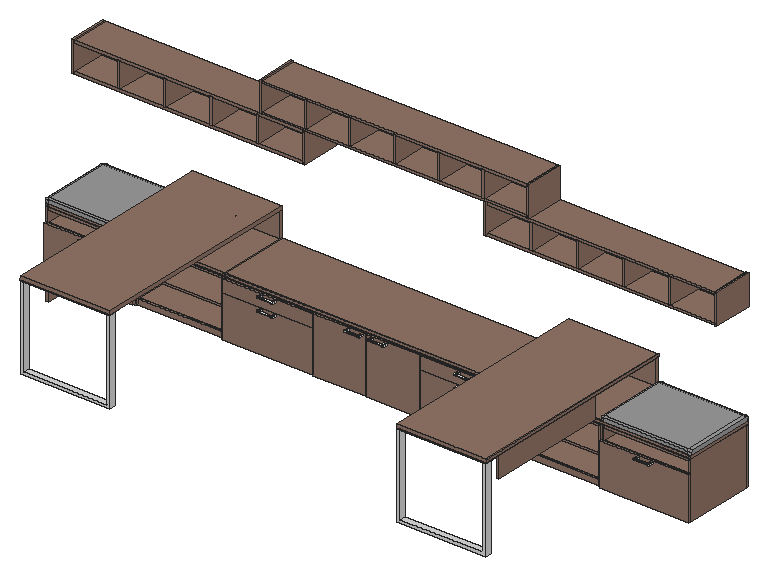
Revit family "JSI-Vision-Typical_Veneer-VSV111", category Furniture, Revit 2020 (continued)
Definition of nested family "JSI-Vision-Open_Shelf_Modular_Bench_Pedestal"
  Parameters (values of type "Type Catalog")
    Series = "Vision Casegoods"  # constant formula
    Model = "Type Catalog"
    Manufacturer = "JSI"  # constant formula
    Keynote = "12500"
    JSI Enviromental Website = "http://www.jsifurniture.com/jsi_sustainability_intro.php"
    Height = 18 3/4"
    Description = "Type Catalog"
    Depth = 18"
    Default Elevation = 0"
    Chassis = none
    Assembly Code = "E2020200"
  Reference planes (in)
    plane 1 "Center Front/Back": y = 0
    plane 2: z = 0
    plane 3 "Center Left/Right": x = 0
    plane 4: x = 18
    plane 5: x = 0.18716
    plane 6: x = 17.81244
    plane 7: z = 9.375
    plane 8: x = 0.75
    plane 9: x = 17.126
    plane 10: y = -0.8125
    plane 11: y = -17.25
    plane 12: x = 9
    plane 13: z = 18.8591
    plane 14: z = 18.75
    plane 15: z = 8.625
    plane 16: z = 1.9375
    plane 17: z = 1.1875
    plane 18: y = -17.875
    plane 19: y = -16.25
    plane 20: y = -17
    plane 21: y = -18
    plane 22: z = 18.1091
  Forms (in)
    Extrusion 1, solid, material <- "Chassis"
      sketch origin (0.125, -0.1875, 48) x (0, 1, 0) y (0, 0, 1)
        loop
          line (0.1875, -29.1409) -> (-17.0625, -29.1409) -> (-17.0625, -48) -> (0.1875, -48) -> (0.1875, -29.1409)
      from -0.125 to 0.625
    Extrusion 2, solid, material <- "Chassis"
      sketch origin (29.875, -0.1875, 48) x (0, 1, 0) y (0, 0, 1)
        loop
          line (0.1875, -29.1409) -> (-17.0625, -29.1409) -> (-17.0625, -48) -> (0.1875, -48) -> (0.1875, -29.1409)
      from -12.749 to -11.875
    Extrusion 3, solid, material <- "Chassis"
      sketch origin (0, 0, 0) x (1, 0, 0) y (0, 1, 0)
        loop
          line (0.75, -16.25) -> (0.75, -17) -> (17.126, -17) -> (17.126, -16.25) -> (0.75, -16.25)
      from 0 to 1.9375
    Extrusion 4, solid, material <- "Chassis"
      sketch origin (0, 0, 0) x (0, 1, 0) y (0, 0, 1)
        loop
          line (-16.25, 9.375) -> (-16.25, 8.625) -> (-0.25, 8.625) -> (-0.25, 9.375) -> (-16.25, 9.375)
        loop
          line (0, 18.1091) -> (0, 18.8591) -> (-17.25, 18.8591) -> (-17.25, 18.1091) -> (0, 18.1091)
        loop
          line (0, 1.1875) -> (0, 1.9375) -> (-16.25, 1.9375) -> (-16.25, 1.1875) -> (0, 1.1875)
      from 0.75 to 17.126
    Extrusion 5, solid, material <- "Chassis"
      sketch origin (0, 0, 0) x (0, 1, 0) y (0, 0, 1)
        loop
          line (0, 18.1091) -> (-0.25, 18.1091) -> (-0.25, 1.9375) -> (0, 1.9375) -> (0, 18.1091)
      from 0.75 to 17.126
  Lines and regions (in)
    symbolic lines
      curve 1: line (0, -17.875, 0) -> (0, 0, 0)
      curve 2: line (18, -17.875, 0) -> (0, -17.875, 0)
      curve 3: line (18, 0, 0) -> (18, -17.875, 0)
    symbolic lines, detail levels medium+fine
      curve 4: line (0, 0, 0) -> (18, 0, 0)
  Dimensions and locks (in)
    locked: plane 14 to plane 13 at 0.1091
    plane 9 to plane 6 to plane 4 = 0.68644" locked, 0.18756" locked
    plane 3 "Center Left/Right" to plane 5 to plane 8 = 0.18716" locked, 0.56284" locked
    "Width": plane 3 "Center Left/Right" to plane 4
    equal spacing: plane 3 "Center Left/Right", plane 12, plane 4
    locked: plane 1 "Center Front/Back" to plane 10 at 0.8125
    plane 16 to plane 17 to level = 3/4" locked, 1 3/16" locked
    plane 19 to plane 20 to plane 11 to plane 18 to plane 21 = 3/4" locked, 1/4" locked, 5/8" locked, 1/8" locked
    "Depth": plane 1 "Center Front/Back" to plane 21
    locked: plane 13 to plane 22 at 0.75
    "Height": level to plane 14
    locked: plane 1 "Center Front/Back" to Extrusion 5 sketch curve at 0.25
    locked: plane 1 "Center Front/Back" to Extrusion 4 sketch curve at 0.25
    aligned and locked: level to plane 2
    aligned and locked: Extrusion 1 sketch curve to level
    aligned and locked: level to Extrusion 2 sketch curve
    aligned and locked: plane 8 to Extrusion 3 sketch curve
    aligned and locked: plane 12 to nested 1
    aligned and locked: plane 3 "Center Left/Right" to curve 1
    aligned and locked: curve 3 to plane 4
    aligned and locked: plane 7 to Extrusion 4 sketch curve
    aligned and locked: Extrusion 4 sketch curve to plane 15
    aligned and locked: Extrusion 4 to plane 8
    aligned and locked: plane 9 to Extrusion 4
    aligned and locked: plane 19 to Extrusion 3
    aligned and locked: Extrusion 3 to plane 20
    aligned and locked: Extrusion 4 to plane 19
    aligned and locked: plane 13 to Extrusion 4 sketch curve
    aligned and locked: Extrusion 4 sketch curve to plane 11
    aligned and locked: plane 16 to Extrusion 4 sketch curve
    aligned and locked: Extrusion 4 sketch curve to plane 17
    aligned and locked: Extrusion 4 sketch curve to plane 19
    aligned and locked: plane 18 to curve 2
    aligned and locked: nested 1 to plane 21
    aligned and locked: Extrusion 4 to plane 22
    aligned and locked: Extrusion 1 to plane 1 "Center Front/Back"
    aligned and locked: Extrusion 2 to plane 1 "Center Front/Back"
    aligned and locked: Extrusion 4 sketch curve to plane 1 "Center Front/Back"  (x2)
    aligned and locked: plane 1 "Center Front/Back" to Extrusion 5 sketch curve
    aligned and locked: plane 16 to Extrusion 5 sketch curve
    aligned and locked: Extrusion 5 sketch curve to plane 22
    aligned and locked: Extrusion 5 to plane 8
    aligned and locked: plane 9 to Extrusion 5
    aligned and locked: plane 1 "Center Front/Back" to curve 4
    aligned and locked: Extrusion 2 to plane 9
    aligned and locked: plane 4 to Extrusion 2
  Automatic sketch dimensions
    Extrusion 3 sketch curve to plane 9 = 0"
    plane 11 to Extrusion 1 sketch curve = 0"
    plane 11 to Extrusion 2 sketch curve = 0"
    plane 18 to Extrusion 3 sketch curve = 7/8"
    plane 11 to Extrusion 3 sketch curve = 1"
    Extrusion 1 sketch curve to plane 13 = 0"
    Extrusion 2 sketch curve to plane 13 = 0"
    plane 10 to Extrusion 1 sketch curve = 13/16"
    plane 10 to Extrusion 2 sketch curve = 13/16"
    Extrusion 4 sketch curve to plane 19 = 0"
    Extrusion 4 sketch curve to plane 22 = 0"
  Nested families (in)
    nested 1: "Label 1-16" at (9, -18, 0), type "DRWCFG"
  Definition of nested family "Label 1-16"
    Parameters
      Width = 1"
      Model Name = "FF"
    Reference planes (in)
      plane 1: y = 0
      plane 2: x = 0
    Text (in)
      label "XX" at (0.00051, -0.12324, 0), shows "Model Name"
Definition of nested family "JSI-Vision-Bench_Height_Modular_Top"
  Parameters (values of type "Type Catalog")
    Worksurface = none
    Width = 42"
    URL = "www.jsifurniture.com"
    Type Comments = ""
    Series = "Vision Casegoods"  # constant formula
    Model = "Type Catalog"
    Material = ""
    Manufacturer = "JSI"  # constant formula
    Keynote = "12500"
    JSI Enviromental Website = "http://www.jsifurniture.com/jsi_sustainability_intro.php"
    Height = 19 1/2"
    Description = "Type Catalog"
    Depth = 30"
    Default Elevation = 0"
    Assembly Code = "E2020200"
  Reference planes (in)
    plane 1 "Center Front/Back": y = 0
    plane 2: z = 0
    plane 3 "Center Left/Right": x = 0
    plane 4: z = 0
    plane 5: x = 42
    plane 6: y = -30
    plane 7: z = 20.6875
    plane 8: z = 19.5
  Forms (in)
    Extrusion 1, solid, material <- "Worksurface"
      sketch origin (0, 0, 28) x (0, 1, 0) y (0, 0, 1)
        loop
          line (-29.88189, -8.5) -> (0, -8.5) -> (0, -7.3125) -> (-29.88189, -7.3125)
          arc (-29.88189, -7.3125) -> (-29.96541, -7.34709) -> (-30, -7.43061) r 0.11811
          line (-30, -7.43061) -> (-30, -8.38189)
          arc (-30, -8.38189) -> (-29.96541, -8.46541) -> (-29.88189, -8.5) r 0.11811
      from 0 to 42
  Lines and regions (in)
    symbolic lines
      curve 1: line (0, 0, 0) -> (42, 0, 0)
      curve 2: line (0, -30, 0) -> (0, 0, 0)
      curve 3: line (42, -30, 0) -> (0, -30, 0)
      curve 4: line (42, 0, 0) -> (42, -30, 0)
  Dimensions and locks (in)
    "Depth": plane 6 to plane 1 "Center Front/Back"
    "Width": plane 5 to plane 3 "Center Left/Right"
    locked: plane 7 to plane 8 at 1.1875
    "Height": plane 8 to level
    aligned and locked: level to plane 2
    aligned and locked: plane 5 to Extrusion 1
    aligned and locked: curve 1 to Extrusion 1
    aligned and locked: curve 2 to Extrusion 1
    aligned and locked: plane 6 to curve 3
    aligned and locked: curve 4 to plane 5
    aligned and locked: Extrusion 1 to plane 8
    aligned and locked: Extrusion 1 to plane 7
  Automatic sketch dimensions
    Extrusion 1 sketch curve to plane 6 = 0"
    level to Extrusion 1 sketch curve = 19 1/2"
    Extrusion 1 sketch curve to plane 7 = 0"
    Extrusion 1 sketch curve to plane 1 "Center Front/Back" = 0"
    Extrusion 1 sketch curve to Extrusion 1 sketch curve = 0.11811"
    plane 6 to Extrusion 1 sketch curve = 0.11811"
Definition of nested family "JSI-Vision-Metal_Rectangular_Base"
  Parameters (values of type "VSB3028FSQ, Metal Rectangular Base for Peninsula 28 5/16"H")
    Width = 29 13/16"
    URL = "www.jsifurniture.com"
    Type Comments = ""
    Series = "Vision Casegoods"  # constant formula
    Model = "VSB3028FSQ"
    Manufacturer = "JSI"  # constant formula
    Keynote = "12500"  # constant formula
    JSI Enviromental Website = "http://www.jsifurniture.com/jsi_sustainability_intro.php"
    Height = 28 5/16"
    Glide Finish = none
    Depth = 2"
    Default Elevation = 0"
    Base Finish = none
    Description = "Metal Rectangular Base for Peninsula 29 13/16\"W x 2\"D x 28 5/16\"H"
    Assembly Code = "E2020200"
  Reference planes (in)
    plane 1 "Center Front/Back": y = 0
    plane 2: z = 0
    plane 3 "Center Left/Right": x = 0
    plane 4: z = 0
    plane 5: z = 28.3125
    plane 6: x = -3
    plane 7: x = -1
    plane 8: y = -29.8125
    plane 9: x = 1
    plane 10: z = 28.0625
    plane 11: y = -2
    plane 12: y = -27.8125
  Forms (in)
    Sweep 1, solid, material <- "Base Finish"
      path origin (0, 0, 0) x (0, 1, 0) y (0, 0, 1)
        loop
          line (-29.8125, 28.0625) -> (-29.8125, 0.25) -> (0, 0.25) -> (0, 28.0625)
      profile origin (0, -29.8125, 14.15625) x (1, 0, 0) y (0, 1, 0)
        loop
          line (-1, 1) -> (-1, 0) -> (1, 0) -> (1, 1) -> (-1, 1)
    Extrusion 2, solid, material <- "Base Finish"
      sketch origin (0, 0, 0) x (1, 0, 0) y (0, 1, 0)
        loop
          line (-3, 0) -> (-3, -29.8125) -> (1, -29.8125) -> (1, 0) -> (-3, 0)
      from 28.3125 to 28.0625
    Revolve 3, solid, material <- "Glide Finish"
      sketch origin (0, 0, 0) x (0, 1, 0) y (0, 0, 1)
        loop
          line (-2, 0.75) -> (-2, 0) -> (-1.76145, 0)
          arc (-1.76145, 0) -> (-1.7185, 0.01649) -> (-1.69761, 0.05748) r 0.06418
          line (-1.69761, 0.05748) -> (-1.67738, 0.25) -> (-1.90202, 0.25) -> (-1.90202, 0.75) -> (-2, 0.75)
        axis (-2, 0.75) -> (-2, 0)
      angle from 0 to 360
    Revolve 4, solid, material <- "Glide Finish"
      sketch origin (0, 0, 0) x (0, 1, 0) y (0, 0, 1)
        loop
          line (-27.8125, 0.75) -> (-27.8125, 0) -> (-27.57395, 0)
          arc (-27.57395, 0) -> (-27.531, 0.01649) -> (-27.51011, 0.05748) r 0.06418
          line (-27.51011, 0.05748) -> (-27.48988, 0.25) -> (-27.71452, 0.25) -> (-27.71452, 0.75) -> (-27.8125, 0.75)
        axis (-27.8125, 0.75) -> (-27.8125, 0)
      angle from 0 to 360
  Lines and regions (in)
    symbolic lines
      curve 1: line (-3, 0, 0) -> (-3, -29.8125, 0)
      curve 2: line (-3, -29.8125, 0) -> (1, -29.8125, 0)
      curve 3: line (1, -29.8125, 0) -> (1, 0, 0)
      curve 4: line (1, 0, 0) -> (-3, 0, 0)
      curve 5: line (-1, 0, 0) -> (-1, -29.8125, 0)
  Dimensions and locks (in)
    equal spacing: plane 7, plane 3 "Center Left/Right", plane 9, locked at 1 each
    "Width": plane 1 "Center Front/Back" to plane 8
    "Height": plane 5 to plane 4
    locked: plane 10 to plane 5 at 0.25
    locked: Sweep 1 sketch curve to plane 4 at 0.25
    locked: plane 8 to Sweep 1 sketch curve at 1
    locked: plane 1 "Center Front/Back" to plane 11 at 2
    locked: plane 12 to plane 8 at 2
    Revolve 3 sketch curve to Revolve 3 sketch curve to Revolve 3 sketch curve to plane 4 = 1/2" locked, 0.18582" locked, 0.06418" locked
    plane 11 to Revolve 3 sketch curve to Revolve 3 sketch curve to Revolve 3 sketch curve = 0.09798" locked, 0.14057" locked, 0.08407" locked
    Revolve 4 sketch curve to Revolve 4 sketch curve to Revolve 4 sketch curve = 1/2" locked, 0.18582" locked
    Revolve 4 sketch curve to Revolve 4 sketch curve to Revolve 4 sketch curve to Revolve 4 sketch curve = 0.09798" locked, 0.14057" locked, 0.08407" locked
    "Depth": plane 7 to plane 9
    locked: plane 6 to plane 7 at 2
    aligned and locked: level to plane 2
    aligned and locked: plane 10 to Sweep 1 sketch curve  (x2)
    aligned and locked: plane 9 to Sweep 1 sketch curve
    aligned and locked: plane 8 to Sweep 1 sketch curve
    aligned and locked: Extrusion 2 sketch curve to plane 1 "Center Front/Back"
    aligned and locked: Extrusion 2 sketch curve to plane 8
    aligned and locked: Extrusion 2 sketch curve to plane 9
    aligned and locked: Revolve 3 sketch curve to plane 11
    aligned and locked: plane 11 to Revolve 3 sketch curve
    aligned and locked: plane 12 to Revolve 4 sketch curve  (x2)
    aligned and locked: plane 3 "Center Left/Right" to Revolve 3
    aligned and locked: plane 3 "Center Left/Right" to Revolve 4
    aligned and locked: Sweep 1 sketch curve to plane 7
    aligned and locked: plane 6 to Extrusion 2
    aligned and locked: Extrusion 2 to plane 9
    aligned and locked: curve 1 to Extrusion 2
    aligned and locked: curve 2 to Extrusion 2
    aligned and locked: curve 3 to Extrusion 2
    aligned and locked: curve 4 to Extrusion 2
    aligned and locked: curve 5 to Sweep 1
  Automatic sketch dimensions
    Sweep 1 sketch curve to plane 8 = 0"
    Sweep 1 sketch curve to plane 1 "Center Front/Back" = 0"
    Extrusion 2 sketch curve to plane 8 = 0"
    Revolve 3 sketch curve to level = 0"
    level to Revolve 3 sketch curve = 0.05748"
    Revolve 3 sketch curve to level = 0.22225"
    Revolve 3 sketch curve to Revolve 3 sketch curve = 0.09538"
    Revolve 4 sketch curve to level = 0"
    level to Revolve 4 sketch curve = 0.05748"
    Revolve 4 sketch curve to Revolve 4 sketch curve = 0.06383"
    Revolve 4 sketch curve to level = 0.22225"
    Revolve 4 sketch curve to Revolve 4 sketch curve = 0.09538"
    plane 7 to Extrusion 2 sketch curve = 2"
Definition of nested family "JSI-Vision-Support_Rail_Work_Surface"
  Parameters (values of type "GP0243SB, Metal Support Rail for Work Surface  2W 43 L 3/4H")
    Width = 43"
    URL = "www.jsifurniture.com"
    Type Comments = ""
    Series = "Vision Casegoods"  # constant formula
    Support Finish = none
    Model = "GP0243SB"
    Material = ""
    Manufacturer = "JSI"  # constant formula
    Keynote = "12500"  # constant formula
    JSI Enviromental Website = "http://www.jsifurniture.com/jsi_sustainability_intro.php"
    Height = 25/32"
    Description = "Metal Support Rail for Work Surface  2W 43 L 3/4H"
    Depth = 2"
    Default Elevation = 0"
    Assembly Code = "E2020200"
  Types (3): name | Width | Model | Description
    GP0243SB, Metal Support Rail for Work Surface  2W 43 L 3/4H | 43" | "GP0243SB" | "Metal Support Rail for Work Surface  2W 43 L 3/4H"
    GP0249SB, Metal Support Rail for Work Surface  2W49 L 3/4H | 49" | "GP0249SB" | "Metal Support Rail for Work Surface  2W49 L 3/4H"
    GP0255SB, Metal Support Rail for Work Surface  2W 55 L 3/4H | 55" | "GP0255SB" | "Metal Support Rail for Work Surface  2W 55 L 3/4H"
  Reference planes (in)
    plane 1 "Center Front/Back": y = 0
    plane 2: z = 0
    plane 3 "Center Left/Right": x = 0
    plane 4: z = 0
    plane 5: z = 27.81222
    plane 6: x = 43
    plane 7: y = -2
  Forms (in)
    Extrusion 1, solid, material <- "Support Finish"
      sketch origin (0, 0, 0) x (0, 1, 0) y (0, 0, 1)
        loop
          line (0, 27.74972) -> (0, 27.81222) -> (-0.53345, 27.81222) -> (-1, 27.11239) -> (-1.46655, 27.81222) -> (-2, 27.81222) -> (-2, 27.74972) -> (-1.5, 27.74972) -> (-1.04048, 27.06043)
          arc (-1.04048, 27.06043) -> (-1, 27.03877) -> (-0.95952, 27.06043) r 0.04865
          line (-0.95952, 27.06043) -> (-0.5, 27.74972) -> (0, 27.74972)
      from 0 to 43
  Lines and regions (in)
    symbolic lines
      curve 1: line (0, 0, 0) -> (43, 0, 0)
      curve 2: line (0, -2, 0) -> (0, 0, 0)
      curve 3: line (43, -2, 0) -> (0, -2, 0)
      curve 4: line (43, 0, 0) -> (43, -2, 0)
      curve 5: line (0, -1.46655, 0) -> (43, -1.46655, 0)
      curve 6: line (43, -0.53345, 0) -> (0, -0.53345, 0)
      curve 7: line (0, -1, 0) -> (43, -1, 0)
  Dimensions and locks (in)
    "Width": plane 3 "Center Left/Right" to plane 6
    "Depth": plane 1 "Center Front/Back" to plane 7
    aligned and locked: level to plane 2
    aligned and locked: plane 4 to plane 2
    aligned and locked: Extrusion 1 to plane 3 "Center Left/Right"
    aligned and locked: plane 6 to Extrusion 1
    aligned and locked: plane 3 "Center Left/Right" to curve 2
    aligned and locked: curve 4 to plane 6
    aligned and locked: plane 1 "Center Front/Back" to curve 1
    aligned and locked: plane 7 to curve 3
    aligned and locked: curve 5 to Extrusion 1
    aligned and locked: curve 6 to Extrusion 1
    aligned and locked: curve 7 to Extrusion 1
  Automatic sketch dimensions
    Extrusion 1 sketch curve to plane 7 = 0"
    Extrusion 1 sketch curve to plane 5 = 0"  (x2)
    Extrusion 1 sketch curve to plane 1 "Center Front/Back" = 0"
    Extrusion 1 sketch curve to plane 5 = 1/16"  (x2)
    Extrusion 1 sketch curve to Extrusion 1 sketch curve = 1/2"
    Extrusion 1 sketch curve to Extrusion 1 sketch curve = 0.03345"  (x2)
    Extrusion 1 sketch curve to Extrusion 1 sketch curve = 0.45952"
    Extrusion 1 sketch curve to Extrusion 1 sketch curve = 0.04048"  (x2)
    Extrusion 1 sketch curve to Extrusion 1 sketch curve = 0"
    Extrusion 1 sketch curve to Extrusion 1 sketch curve = 0.53345"
    Extrusion 1 sketch curve to plane 5 = 0.69983"
    Extrusion 1 sketch curve to Extrusion 1 sketch curve = 0.02498"
    Extrusion 1 sketch curve to Extrusion 1 sketch curve = 0.02698"
Definition of nested family "JSI-Vision-Adj_Bridge_Modesty"
  Parameters (values of type "Modesty for Adj Bridge - Type Catalog Family")
    Width = 40"
    URL = "www.jsifurniture.com"
    Type Comments = ""
    Series = "Vision Casegoods"  # constant formula
    JSI Enviromental Website = "http://www.jsifurniture.com/jsi_sustainability_intro.php"
    Panel = none
    Height-Panel = 9"
    Height = 30"
    Default Elevation = 0"
    Bracket = none
    Model = "Type Catalog"
    Material = ""
    Manufacturer = "JSI"  # constant formula
    Keynote = "12500"  # constant formula
    Description = "Type Catalog"
    Assembly Code = "E2020200"
  Reference planes (in)
    plane 1 "Center Front/Back": y = 0
    plane 2: z = 0
    plane 3 "Center Left/Right": x = 0
    plane 4: z = 30
    plane 5: y = -0.75
    plane 6: x = 20
    plane 7: x = 40
    plane 8: z = 28.8125
    plane 9: x = 8.375
    plane 10: x = 31.625
    plane 11: z = 19.8125
  Forms (in)
    Extrusion 1, solid, material <- "Panel"
      sketch origin (-12, -1, 0) x (1, 0, 0) y (0, 0, -1)
        loop
          line (12, -28.8125) -> (52, -28.8125) -> (52, -19.8125) -> (12, -19.8125) -> (12, -28.8125)
      from 0.25 to 1
    Extrusion 2, solid, material <- "Bracket", detail levels medium+fine
      sketch origin (-12, -1, 0) x (0, -1, 0) y (0, 0, -1)
        loop
          line (1, -28.8125) -> (1, -28.6875) -> (-0.125, -28.6875) -> (-0.125, -22.8125) -> (-0.25, -22.8125) -> (-0.25, -28.8125) -> (1, -28.8125)
      from 20 to 20.75
    Extrusion 3, solid, material <- "Bracket", detail levels medium+fine
      sketch origin (11.625, -1, 0) x (0, -1, 0) y (0, 0, -1)
        loop
          line (1, -28.8125) -> (1, -28.6875) -> (-0.125, -28.6875) -> (-0.125, -22.8125) -> (-0.25, -22.8125) -> (-0.25, -28.8125) -> (1, -28.8125)
      from 8 to 8.75
    Extrusion 4, solid, material <- "Bracket", detail levels medium+fine
      sketch origin (35.25, -1, 0) x (0, -1, 0) y (0, 0, -1)
        loop
          line (1, -28.8125) -> (1, -28.6875) -> (-0.125, -28.6875) -> (-0.125, -22.8125) -> (-0.25, -22.8125) -> (-0.25, -28.8125) -> (1, -28.8125)
      from -4 to -3.25
  Lines and regions (in)
    symbolic lines
      curve 1: line (0, 0, 0) -> (40, 0, 0)
      curve 2: line (0, -0.75, 0) -> (0, 0, 0)
      curve 3: line (40, -0.75, 0) -> (0, -0.75, 0)
      curve 4: line (40, 0, 0) -> (40, -0.75, 0)
  Dimensions and locks (in)
    locked: Extrusion 2 to Extrusion 2 at 0.75
    locked: Extrusion 3 to Extrusion 3 at 0.75
    locked: Extrusion 4 to Extrusion 4 at 0.75
    locked: plane 10 to plane 7 at 8.375
    equal spacing: Extrusion 2, plane 9, Extrusion 2
    equal spacing: Extrusion 4, plane 10, Extrusion 4
    "Height": plane 4 to plane 2
    "Height-Panel": plane 8 to plane 11
    locked: plane 4 to plane 8 at 1.1875
    equal spacing: plane 3 "Center Left/Right", plane 6, plane 7
    "Width": plane 3 "Center Left/Right" to plane 7
    equal spacing: Extrusion 3, plane 6, Extrusion 3
    locked: plane 3 "Center Left/Right" to plane 9 at 8.375
    aligned and locked: level to plane 2
    aligned and locked: Extrusion 1 to plane 5
    aligned and locked: Extrusion 1 to plane 7
    aligned and locked: plane 8 to Extrusion 1
    aligned and locked: plane 8 to Extrusion 2
    aligned and locked: plane 8 to Extrusion 3
    aligned and locked: plane 8 to Extrusion 4
    aligned and locked: curve 3 to Extrusion 1
    aligned and locked: plane 7 to curve 4
    aligned and locked: curve 1 to Extrusion 1
    aligned and locked: Extrusion 1 to plane 11
    aligned and locked: Extrusion 1 to plane 1 "Center Front/Back"
    aligned and locked: Extrusion 1 to plane 3 "Center Left/Right"
  Automatic sketch dimensions
    plane 7 to Extrusion 1 sketch curve = 0"
    Extrusion 1 sketch curve to plane 8 = 0"
    Extrusion 1 sketch curve to Extrusion 1 sketch curve = 9"
    Extrusion 2 sketch curve to plane 5 = 0"
    Extrusion 2 sketch curve to plane 8 = 0"
    Extrusion 2 sketch curve to Extrusion 2 sketch curve = 1/8"
    Extrusion 2 sketch curve to plane 8 = 1/8"
    Extrusion 2 sketch curve to Extrusion 2 sketch curve = 1 1/8"
    Extrusion 2 sketch curve to Extrusion 2 sketch curve = 5 7/8"
    Extrusion 3 sketch curve to plane 5 = 0"
    Extrusion 3 sketch curve to plane 8 = 0"
    Extrusion 3 sketch curve to Extrusion 3 sketch curve = 1/8"
    Extrusion 3 sketch curve to plane 8 = 1/8"
    Extrusion 3 sketch curve to Extrusion 3 sketch curve = 1 1/8"
    Extrusion 3 sketch curve to Extrusion 3 sketch curve = 5 7/8"
    Extrusion 4 sketch curve to plane 5 = 0"
    Extrusion 4 sketch curve to plane 8 = 0"
    Extrusion 4 sketch curve to Extrusion 4 sketch curve = 1/8"
    Extrusion 4 sketch curve to plane 8 = 1/8"
    Extrusion 4 sketch curve to Extrusion 4 sketch curve = 1 1/8"
    Extrusion 4 sketch curve to Extrusion 4 sketch curve = 5 7/8"
    plane 9 to curve 1 = 8 3/8"
    plane 9 to Extrusion 1 sketch curve = 8 3/8"
Definition of nested family "JSI-Vision-Filler_Back_Panel_for_Bench_Height"
  Parameters (values of type "VSTB0419MBK, Filler Back Panel for Bench Height 18 3/4"H, 4"W")
    Width = 4"
    URL = "www.jsifurniture.com"
    Type Comments = ""
    Series = "Vision Casegoods"  # constant formula
    Back Finish = none
    Model = "VSTB0419MBK"
    Material = ""
    Manufacturer = "JSI"  # constant formula
    Keynote = "12500"  # constant formula
    JSI Enviromental Website = "http://www.jsifurniture.com/jsi_sustainability_intro.php"
    Height = 18 3/4"
    Description = "Filler Back Panel Laminate for Bench Height 3/4\"D x 18 3/4\"H x 4\"W"
    Depth = 3/4"
    Default Elevation = 0"
    Assembly Code = "E2020200"
  Types (2): name | Model | Description
    VSTB0419MBK, Filler Back Panel for Bench Height 18 3/4"H, 4"W | "VSTB0419MBK" | "Filler Back Panel Laminate for Bench Height 3/4\"D x 18 3/4\"H x 4\"W"
    VSVB0419MBK, Filler Back Panel for Bench Height 18 3/4"H, 4"W | "VSVB0419MBK" | "Filler Back Panel Veneer for Bench Height 3/4\"D x 18 3/4\"H x 4\"W"
  Reference planes (in)
    plane 1 "Center Front/Back": y = 0
    plane 2: z = 0
    plane 3 "Center Left/Right": x = 0
    plane 4: z = 0
    plane 5: x = 4
    plane 6: z = 18.75
    plane 7: y = -0.75
  Forms (in)
    Extrusion 1, solid, material <- "Back Finish"
      sketch origin (0, 1.5625, 0) x (1, 0, 0) y (0, 1, 0)
        loop
          line (0, -1.5625) -> (0, -2.3125) -> (4, -2.3125) -> (4, -1.5625) -> (0, -1.5625)
      from 0 to 18.75
  Lines and regions (in)
    symbolic lines
      curve 1: line (0, 0, 0) -> (4, 0, 0)
      curve 2: line (0, -0.75, 0) -> (0, 0, 0)
      curve 3: line (4, -0.75, 0) -> (0, -0.75, 0)
      curve 4: line (4, 0, 0) -> (4, -0.75, 0)
  Dimensions and locks (in)
    "Height": plane 6 to plane 4
    "Depth": plane 7 to plane 1 "Center Front/Back"
    "Width": plane 3 "Center Left/Right" to plane 5
    aligned and locked: level to plane 2
    aligned and locked: plane 6 to Extrusion 1
    aligned and locked: Extrusion 1 to plane 7
    aligned and locked: Extrusion 1 to plane 3 "Center Left/Right"
    aligned and locked: Extrusion 1 to plane 4
    aligned and locked: plane 5 to Extrusion 1
    aligned and locked: curve 1 to Extrusion 1
    aligned and locked: curve 2 to Extrusion 1
    aligned and locked: curve 3 to Extrusion 1
    aligned and locked: curve 4 to Extrusion 1
    aligned and locked: Extrusion 1 to plane 1 "Center Front/Back"
  Automatic sketch dimensions
    Extrusion 1 sketch curve to plane 3 "Center Left/Right" = 0"
    Extrusion 1 sketch curve to plane 5 = 0"
    Extrusion 1 sketch curve to plane 7 = 0"
    Extrusion 1 sketch curve to Extrusion 1 sketch curve = 3/4"
